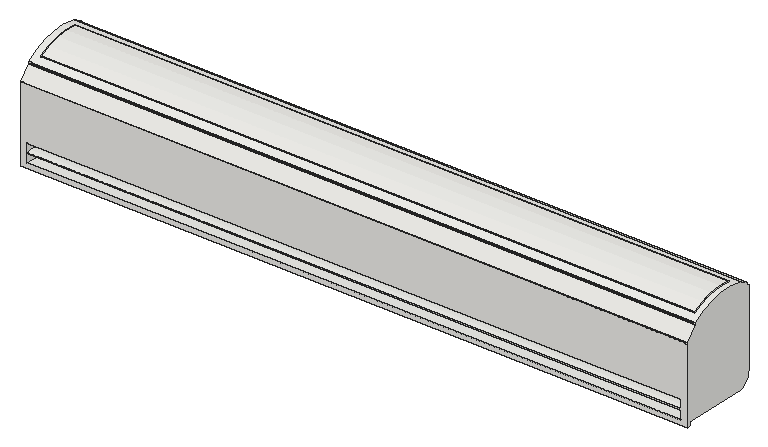
Revit family "ELiS C-W-200-bílá", category Mechanical Equipment, host Face, Revit 2018
Family settings
  Host = Face
  Round Connector Dimension = Use Diameter
  Part Type = Normal
  Cut with Voids When Loaded = No
  Shared = No
  Room Calculation Point = No
Parameters (values of type "ELiS C-W-200")
  Weight of unit = 35.10 kg
  Water stream flow in the heat exchanger = 0 L/s
  Water pressure drop in the heat exchanger = 0 kPa
  URL = "www.hydronic.cz"
  Type Comments = "vnitřní instalace, neprašné prostředí; IP21; max dosah 3m na 3 rychlost"
  Second Material = FLOWAIR-PerforatedSteel-White
  Product data = "14289; bílá, délka 200cm, teplovodní; PN16; tmax=95°C"
  Power supply voltage = 230 V
  Power ratio = 0.94
  Outlet water temperature (Tw2) = 0 °C
  Outlet air temperature (Tp2) = 0 °C
  Max. current consumption = 1.2 A
  Manufacturer = "Hydronic Systems Prague s.r.o."
  Main Material = FLOWAIR-Steel-White
  Load classification = Motor
  Length = 2000.00 mm  # constant formula
  Inlet water temperature (Tw1) = 0 °C
  Inlet air temperature (Tp1) = 0 °C
  Heating capacity = 0 kW
  Fan = "Single phase motor with diagonal rotor"
  Description = "Dveřní clona"
  Model = "ELiS C-W-200"
  IP = "21"
  Default Elevation = 2200.00 mm
  Connection = 3/4"
  Author = ""
  Apparent power = Power supply voltage * Max. current consumption  # 276 VA
  Air flow = 0 m³/h
Reference planes
  plane 1 "Środek (Przód/Tył)": y = 0
  plane 2: z = 0
  plane 3 "Środek (Lewa/Prawa)": x = 0
Dimensions and locks
  aligned and locked: plane 2 to host face
  aligned and locked: level to host face
  aligned and locked: plane 3 "Środek (Lewa/Prawa)" to nested 1
  aligned and locked: plane 1 "Środek (Przód/Tył)" to nested 1
Nested families
  nested 1: "ELiS C-W" at (0, 0, 0), type "ELiS C-W"
    with długość 2000.00 mm
Connectors
  piping at (954, 227.682, 166.954), diameter 19.05, driven by "Connection", driven by "Water stream flow in the heat exchanger", driven by "Water pressure drop in the heat exchanger"
    settings: on nested 1, index 7, connector inside diameter 24", connector length 0.00 mm, flow factor 0, pipe flow 0 L/s, pressure drop 0 kPa, fitting loss kfactor 0, connector angle 0.00°, fixture units 0, engagement length 0.00 mm, angle of deflection 0.00°, flow configuration 1, flow direction 2, fitting loss method 4, system type 8, joint type 0, gender type 0, connector reference index -1, connector utility 0, adjustable connector no, is connector primary yes, connector description ""
  piping at (954, 227.682, 242.954), diameter 19.05, driven by "Connection", driven by "Water stream flow in the heat exchanger", driven by "Water pressure drop in the heat exchanger"
    settings: on nested 1, index 8, connector inside diameter 24", connector length 0.00 mm, flow factor 0, pipe flow 0 L/s, pressure drop 0 kPa, fitting loss kfactor 0, connector angle 0.00°, fixture units 0, engagement length 0.00 mm, angle of deflection 0.00°, flow configuration 1, flow direction 1, fitting loss method 4, system type 7, joint type 0, gender type 0, connector reference index -1, connector utility 0, adjustable connector no, is connector primary no, connector description ""
  electrical at (0, 235.182, 54.049), driven by "Power supply voltage", driven by "Apparent power", driven by "Power ratio", driven by "Load classification"
    settings: on nested 1, index 9, voltage 230 V, apparent load 276 VA, apparent load phase1 0 VA, apparent load phase2 0 VA, apparent load phase3 0 VA, power factor 0.94, load classification "Motor", number of poles 1, system type 30, power factor state 1, is connector primary yes, connector utility no, sub classification motor no, connector description ""
  electrical at (-59, 235.182, 85.024)
    settings: on nested 1, index 10, voltage 0 V, apparent load 0 VA, apparent load phase1 0 VA, apparent load phase2 0 VA, apparent load phase3 0 VA, power factor 1, load classification "Motor", number of poles 1, system type 13, power factor state 1, is connector primary no, connector utility no, sub classification motor no, connector description "TS regulator"
  electrical at (59, 235.182, 85.024)
    settings: on nested 1, index 11, voltage 0 V, apparent load 0 VA, apparent load phase1 0 VA, apparent load phase2 0 VA, apparent load phase3 0 VA, power factor 1, load classification "Motor", number of poles 1, system type 13, power factor state 1, is connector primary no, connector utility no, sub classification motor no, connector description "Limit switches"
Definition of nested family "ELiS C-W"
  Parameters
    materiał perforacja = none
    materiał = none
    długość = 1000.00 mm
  Reference planes
    plane 1 "Środek (Przód/Tył)": y = 0
    plane 2: z = 0
    plane 3 "Środek (Lewa/Prawa)": x = 0
    plane 4: x = -500
    plane 5: x = 500
    plane 6: x = -480
    plane 7: x = 480
    plane 8: x = 250
    plane 9: x = -250
  Forms (mm)
    Extrusion 1, solid, material <- "materiał", detail levels medium
      sketch origin (0, 300, 0) x (0, 1, 0) y (0, 0, 1)
        loop
          line (-72.756, 283.564) -> (-81.693, 294.358)
          arc (-81.693, 294.358) -> (-82.051, 294.684) -> (-82.482, 294.903) r 1.8
          line (-82.482, 294.903) -> (-98.157, 300.357)
          arc (-98.157, 300.357) -> (-98.505, 300.566) -> (-98.742, 300.895) r 1
          line (-98.742, 300.895) -> (-99.846, 303.375)
          arc (-99.846, 303.375) -> (-100.355, 304.039) -> (-101.109, 304.402) r 1.8
          arc (-101.109, 304.402) -> (-188.803, 303.806) -> (-267.88, 265.892) r 200.8
          arc (-267.88, 265.892) -> (-268.406, 265.22) -> (-268.563, 264.381) r 1.8
          line (-268.563, 264.381) -> (-268.42, 261.651)
          arc (-268.42, 261.651) -> (-268.477, 261.263) -> (-268.678, 260.927) r 1
          line (-268.678, 260.927) -> (-299.538, 226.654)
          arc (-299.538, 226.654) -> (-299.88, 226.094) -> (-300, 225.449) r 1.8
          line (-300, 225.449) -> (-300, 0) -> (-292.2, 0) -> (-292.2, 13.085) -> (-113.282, 13.085)
          arc (-113.282, 13.085) -> (-84.316, 25.083) -> (-72.318, 54.049) r 40.964
          line (-72.318, 54.049) -> (-72.318, 282.336)
          arc (-72.318, 282.336) -> (-72.431, 282.988) -> (-72.756, 283.564) r 1.943
      from -500 to 500
    Extrusion 2, solid, material <- "materiał", detail levels coarse
      sketch origin (0, 0, 0) x (0, 1, 0) y (0, 0, 1)
        loop
          arc (227.682, 295.867) -> (103.817, 301.954) -> (0, 234.12) r 200.8
          line (0, 234.12) -> (0, 0) -> (227.682, 0) -> (227.682, 295.867)
      from -500 to 500
    Extrusion 3, solid, material <- "materiał", detail levels fine
      sketch origin (0, 0, 0) x (0, 1, 0) y (0, 0, 1)
        loop
          line (227.244, 283.564) -> (218.307, 294.358)
          arc (218.307, 294.358) -> (217.949, 294.684) -> (217.518, 294.903) r 1.8
          line (217.518, 294.903) -> (201.843, 300.357)
          arc (201.843, 300.357) -> (201.495, 300.566) -> (201.258, 300.895) r 1
          line (201.258, 300.895) -> (200.154, 303.375)
          arc (200.154, 303.375) -> (199.645, 304.039) -> (198.891, 304.402) r 1.8
          arc (198.891, 304.402) -> (111.197, 303.806) -> (32.12, 265.892) r 200.8
          arc (32.12, 265.892) -> (31.594, 265.22) -> (31.437, 264.381) r 1.8
          line (31.437, 264.381) -> (31.58, 261.651)
          arc (31.58, 261.651) -> (31.523, 261.263) -> (31.322, 260.927) r 1
          line (31.322, 260.927) -> (0.462, 226.654)
          arc (0.462, 226.654) -> (0.12, 226.094) -> (0, 225.449) r 1.8
          line (0, 225.449) -> (0, 0) -> (7.8, 0) -> (7.8, 13.085) -> (186.718, 13.085)
          arc (186.718, 13.085) -> (215.684, 25.083) -> (227.682, 54.049) r 40.964
          line (227.682, 54.049) -> (227.682, 282.336)
          arc (227.682, 282.336) -> (227.569, 282.988) -> (227.244, 283.564) r 1.943
      from -500 to 500
    Extrusion 4, void
      sketch origin (0, 0, 0) x (0, 1, 0) y (0, 0, 1)
        loop
          line (52, 337.939) -> (52, 227.939) -> (180, 227.939) -> (180, 337.939) -> (52, 337.939)
      from -480 to 480
    Extrusion 5, solid, material <- "materiał perforacja", detail levels fine
      sketch origin (0, 0, 0) x (0, 1, 0) y (0, 0, 1)
        loop
          arc (180, 307.56) -> (113.664, 304.359) -> (52, 279.696) r 200.8
          line (52, 279.696) -> (52, 277.35)
          arc (52, 277.35) -> (113.61, 302.3) -> (180, 305.546) r 198.8
          line (180, 305.546) -> (180, 307.56)
      from -480 to 480
    Extrusion 6, void
      sketch origin (0, 0, 0) x (0, 1, 0) y (0, 0, 1)
        loop
          line (0, 15.085) -> (50, 15.085) -> (50, 70.085) -> (0, 70.085) -> (0, 43.585)
          arc (0, 43.585) -> (17.5, 45.585) -> (35, 43.585) r 77.563
          line (35, 43.585) -> (35, 41.585)
          arc (35, 41.585) -> (17.5, 39.585) -> (0, 41.585) r 77.563
          line (0, 41.585) -> (0, 15.085)
      from -480 to 480
    Extrusion 7, solid, material <- "materiał"
      sketch origin (0, 0, 0) x (0, 1, 0) y (0, 0, 1)
        loop
          line (10, 0) -> (172, 0) -> (172, 13.085) -> (10, 13.085) -> (10, 0)
      from -250 to 250
    Extrusion 8, solid, material <- "materiał"
      sketch origin (0, 0, 0) x (0, 1, 0) y (0, 0, 1)
        loop
          line (227.682, 54.049) -> (242.682, 54.049) -> (242.682, 116) -> (227.682, 116) -> (227.682, 54.049)
      from -59 to 59
    Extrusion 9, solid, material <- "materiał"
      sketch origin (0, 0, 0) x (1, 0, 0) y (0, 0, 1)
        loop
          circle (454, 242.954) r 17
        loop
          circle (454, 166.954) r 17
      from -227.682 to -225
  Cuts and joins
    Extrusion 4, Extrusion 6 cuts Extrusion 3
  Dimensions and locks
    equal spacing: plane 4, plane 3 "Środek (Lewa/Prawa)", plane 5
    "długość": plane 4 to plane 5
    locked: plane 4 to plane 6 at 20
    locked: plane 7 to plane 5 at 20
    equal spacing: plane 4, plane 9, plane 3 "Środek (Lewa/Prawa)"
    equal spacing: plane 3 "Środek (Lewa/Prawa)", plane 8, plane 5
    locked: Extrusion 9 sketch curve to plane 5 at 46  (x2)
    aligned and locked: level to plane 2
    aligned and locked: Extrusion 2 to plane 4
    aligned and locked: Extrusion 1 to plane 4
    aligned and locked: Extrusion 2 to plane 5
    aligned and locked: Extrusion 1 to plane 5
    aligned and locked: Extrusion 3 to plane 4
    aligned and locked: Extrusion 3 to plane 5
    aligned and locked: Extrusion 4 to plane 6
    aligned and locked: Extrusion 4 to plane 7
    aligned and locked: Extrusion 5 to plane 6
    aligned and locked: Extrusion 5 to plane 7
    aligned and locked: Extrusion 6 to plane 7
    aligned and locked: Extrusion 6 to plane 6
    aligned and locked: plane 8 to Extrusion 7
    aligned and locked: plane 9 to Extrusion 7
  Automatic sketch dimensions
    Extrusion 1 sketch curve to level = 0.00 mm
    Extrusion 1 sketch curve to plane 1 "Środek (Przód/Tył)" = 0.00 mm
    Extrusion 1 sketch curve to Extrusion 1 sketch curve = 1.80 mm
    Extrusion 1 sketch curve to plane 1 "Środek (Przód/Tył)" = 7.80 mm
    Extrusion 1 sketch curve to plane 1 "Środek (Przód/Tył)" = 30.581 mm
    Extrusion 1 sketch curve to Extrusion 1 sketch curve = 0.742 mm
    Extrusion 1 sketch curve to Extrusion 1 sketch curve = 0.856 mm
    Extrusion 1 sketch curve to Extrusion 1 sketch curve = 1.797 mm
    Extrusion 1 sketch curve to plane 1 "Środek (Przód/Tył)" = 156.375 mm
    Extrusion 1 sketch curve to Extrusion 1 sketch curve = 30.343 mm
    Extrusion 1 sketch curve to Extrusion 1 sketch curve = 165.276 mm
    Extrusion 1 sketch curve to Extrusion 1 sketch curve = 3.662 mm
    Extrusion 1 sketch curve to Extrusion 1 sketch curve = 14.754 mm
    Extrusion 1 sketch curve to Extrusion 1 sketch curve = 1.38 mm
    Extrusion 1 sketch curve to Extrusion 1 sketch curve = 8.812 mm
    Extrusion 1 sketch curve to Extrusion 1 sketch curve = 1.505 mm
    Extrusion 1 sketch curve to Extrusion 1 sketch curve = 40.964 mm
    Extrusion 1 sketch curve to Extrusion 1 sketch curve = 13.085 mm
    Extrusion 1 sketch curve to Extrusion 1 sketch curve = 54.106 mm
    Extrusion 1 sketch curve to Extrusion 1 sketch curve = 117.295 mm
    Extrusion 1 sketch curve to Extrusion 1 sketch curve = 35.478 mm
    Extrusion 1 sketch curve to Extrusion 1 sketch curve = 0.671 mm
    Extrusion 1 sketch curve to Extrusion 1 sketch curve = 2.783 mm
    Extrusion 1 sketch curve to Extrusion 1 sketch curve = 0.097 mm
    Extrusion 1 sketch curve to Extrusion 1 sketch curve = 174.181 mm
    Extrusion 1 sketch curve to Extrusion 1 sketch curve = 10.867 mm
    Extrusion 1 sketch curve to Extrusion 1 sketch curve = 1.155 mm
    Extrusion 1 sketch curve to Extrusion 1 sketch curve = 8.099 mm
    Extrusion 1 sketch curve to Extrusion 1 sketch curve = 1.341 mm
    Extrusion 1 sketch curve to plane 1 "Środek (Przód/Tył)" = 0.462 mm
    Extrusion 1 sketch curve to Extrusion 1 sketch curve = 0.00 mm  (x14)
    Extrusion 1 sketch curve to Extrusion 1 sketch curve = 0.257 mm
    Extrusion 1 sketch curve to Extrusion 1 sketch curve = 1.263 mm
    Extrusion 1 sketch curve to Extrusion 1 sketch curve = 0.914 mm
    Extrusion 1 sketch curve to Extrusion 1 sketch curve = 0.585 mm
    Extrusion 1 sketch curve to Extrusion 1 sketch curve = 0.789 mm
    Extrusion 1 sketch curve to Extrusion 1 sketch curve = 0.944 mm
    Extrusion 2 sketch curve to level = 0.00 mm
    Extrusion 2 sketch curve to Extrusion 2 sketch curve = 71.306 mm
    Extrusion 2 sketch curve to Extrusion 2 sketch curve = 108.154 mm
    Extrusion 2 sketch curve to plane 1 "Środek (Przód/Tył)" = 0.00 mm
    Extrusion 2 sketch curve to Extrusion 2 sketch curve = 125.966 mm
    Extrusion 2 sketch curve to plane 1 "Środek (Przód/Tył)" = 156.375 mm
    plane 1 "Środek (Przód/Tył)" to Extrusion 3 sketch curve = 0.00 mm
    Extrusion 3 sketch curve to Extrusion 3 sketch curve = 1.80 mm
    Extrusion 3 sketch curve to Extrusion 3 sketch curve = 7.80 mm
    Extrusion 3 sketch curve to Extrusion 3 sketch curve = 28.781 mm
    Extrusion 3 sketch curve to Extrusion 3 sketch curve = 0.742 mm
    Extrusion 3 sketch curve to Extrusion 3 sketch curve = 0.856 mm
    Extrusion 3 sketch curve to Extrusion 3 sketch curve = 1.797 mm
    Extrusion 3 sketch curve to Extrusion 3 sketch curve = 148.575 mm
    Extrusion 3 sketch curve to Extrusion 3 sketch curve = 30.343 mm
    Extrusion 3 sketch curve to Extrusion 3 sketch curve = 165.276 mm
    Extrusion 3 sketch curve to Extrusion 3 sketch curve = 3.662 mm
    Extrusion 3 sketch curve to Extrusion 3 sketch curve = 14.754 mm
    Extrusion 3 sketch curve to Extrusion 3 sketch curve = 1.38 mm
    Extrusion 3 sketch curve to Extrusion 3 sketch curve = 8.812 mm
    Extrusion 3 sketch curve to Extrusion 3 sketch curve = 1.505 mm
    Extrusion 3 sketch curve to Extrusion 3 sketch curve = 40.964 mm
    level to Extrusion 3 sketch curve = 0.00 mm
    Extrusion 3 sketch curve to Extrusion 3 sketch curve = 13.085 mm
    Extrusion 3 sketch curve to Extrusion 3 sketch curve = 54.106 mm
    Extrusion 3 sketch curve to Extrusion 3 sketch curve = 117.295 mm
    Extrusion 3 sketch curve to Extrusion 3 sketch curve = 35.478 mm
    Extrusion 3 sketch curve to Extrusion 3 sketch curve = 0.671 mm
    Extrusion 3 sketch curve to Extrusion 3 sketch curve = 2.783 mm
    Extrusion 3 sketch curve to Extrusion 3 sketch curve = 0.097 mm
    Extrusion 3 sketch curve to Extrusion 3 sketch curve = 174.181 mm
    Extrusion 3 sketch curve to Extrusion 3 sketch curve = 10.867 mm
    Extrusion 3 sketch curve to Extrusion 3 sketch curve = 1.155 mm
    Extrusion 3 sketch curve to Extrusion 3 sketch curve = 8.099 mm
    Extrusion 3 sketch curve to Extrusion 3 sketch curve = 1.341 mm
    Extrusion 3 sketch curve to Extrusion 3 sketch curve = 0.462 mm
    Extrusion 3 sketch curve to Extrusion 3 sketch curve = 0.00 mm  (x14)
    Extrusion 3 sketch curve to Extrusion 3 sketch curve = 0.257 mm
    Extrusion 3 sketch curve to Extrusion 3 sketch curve = 1.263 mm
    Extrusion 3 sketch curve to Extrusion 3 sketch curve = 0.914 mm
    Extrusion 3 sketch curve to Extrusion 3 sketch curve = 0.585 mm
    Extrusion 3 sketch curve to Extrusion 3 sketch curve = 0.789 mm
    Extrusion 3 sketch curve to Extrusion 3 sketch curve = 0.944 mm
    Extrusion 4 sketch curve to Extrusion 4 sketch curve = 128.00 mm
    level to Extrusion 4 sketch curve = 227.939 mm
    Extrusion 4 sketch curve to Extrusion 4 sketch curve = 110.00 mm
    Extrusion 4 sketch curve to plane 1 "Środek (Przód/Tył)" = 52.00 mm
    Extrusion 5 sketch curve to plane 1 "Środek (Przód/Tył)" = 156.375 mm
    level to Extrusion 5 sketch curve = 108.154 mm
    Extrusion 5 sketch curve to plane 1 "Środek (Przód/Tył)" = 52.00 mm
    Extrusion 5 sketch curve to Extrusion 5 sketch curve = 23.625 mm
    Extrusion 5 sketch curve to Extrusion 5 sketch curve = 25.85 mm
    Extrusion 5 sketch curve to Extrusion 5 sketch curve = 2.346 mm
    Extrusion 5 sketch curve to Extrusion 5 sketch curve = 0.00 mm  (x2)
    Extrusion 7 sketch curve to level = 0.00 mm
    Extrusion 7 sketch curve to plane 1 "Środek (Przód/Tył)" = 10.00 mm
    Extrusion 7 sketch curve to Extrusion 7 sketch curve = 162.00 mm
    level to Extrusion 7 sketch curve = 13.085 mm
    Extrusion 8 sketch curve to plane 1 "Środek (Przód/Tył)" = 227.682 mm
    level to Extrusion 8 sketch curve = 116.00 mm
    level to Extrusion 8 sketch curve = 54.049 mm
    Extrusion 8 sketch curve to Extrusion 8 sketch curve = 15.00 mm
    level to Extrusion 9 sketch curve = 166.954 mm
    Extrusion 9 sketch curve to Extrusion 9 sketch curve = 76.00 mm
    Extrusion 6 sketch curve to plane 1 "Środek (Przód/Tył)" = 0.00 mm  (x2)
    Extrusion 6 sketch curve to plane 1 "Środek (Przód/Tył)" = 17.50 mm  (x2)
    Extrusion 6 sketch curve to Extrusion 6 sketch curve = 35.00 mm
    Extrusion 6 sketch curve to Extrusion 6 sketch curve = 15.00 mm
    Extrusion 6 sketch curve to level = 31.977 mm
    level to Extrusion 6 sketch curve = 15.085 mm
    Extrusion 6 sketch curve to Extrusion 6 sketch curve = 26.50 mm  (x2)
    Extrusion 6 sketch curve to Extrusion 6 sketch curve = 2.00 mm
    Extrusion 6 sketch curve to Extrusion 6 sketch curve = 47.063 mm
    radius of Extrusion 9 sketch curve = 17.00 mm  (x2)
